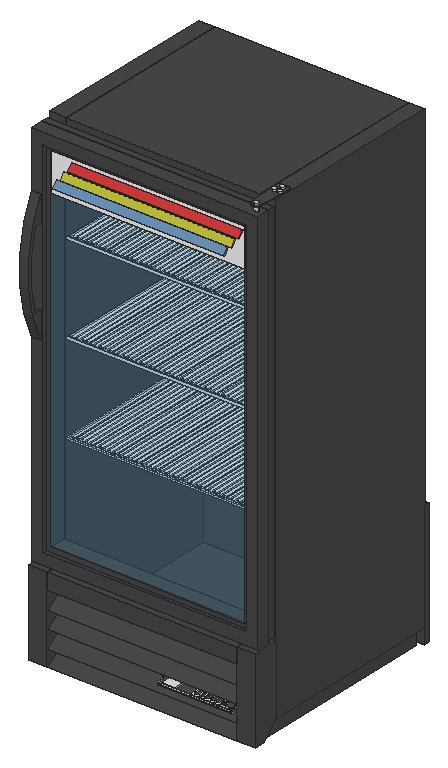
Revit family "QF_TRUE_GDM-10-HC~TSL01", category Specialty Equipment, Revit 2016 (continued)
Definition of nested family "GDM-10-HC-TSL01"
  Definition of nested family "QF_LOGO_TRUE"
    Forms (in)
      Extrusion 5, solid, not visible
        sketch origin (121.45701, -16.5, 4.98235) x (1, 0, 0) y (0, 0, 1)
          loop
            line (28.13678, 34.66131) -> (28.08755, 34.47761) -> (28.27134, 34.47761) -> (28.32056, 34.66131) -> (28.43674, 34.66131) -> (28.47974, 34.78864) -> (28.36519, 34.78864)
            arc (28.36519, 34.78864) -> (28.35733, 34.81649) -> (28.36921, 34.84288) r 0.04231
            arc (28.36921, 34.84288) -> (28.431, 34.8652) -> (28.49617, 34.85686) r 0.13988
            line (28.49617, 34.85686) -> (28.53544, 34.97317)
            arc (28.53544, 34.97317) -> (28.39725, 34.99096) -> (28.25905, 34.97317) r 0.54546
            arc (28.25905, 34.97317) -> (28.20849, 34.91994) -> (28.18197, 34.85147) r 0.1894
            line (28.18197, 34.85147) -> (28.17089, 34.78864) -> (28.11397, 34.78864) -> (28.07985, 34.66131) -> (28.13678, 34.66131)
          loop
            arc (28.74846, 34.89756) -> (28.65884, 34.88533) -> (28.56922, 34.89756) r 0.33455
            line (28.56922, 34.89756) -> (28.45669, 34.47761) -> (28.63593, 34.47761) -> (28.74846, 34.89756)
          loop
            arc (28.60398, 35.01195) -> (28.57699, 34.97173) -> (28.60398, 34.9315) r 0.04347
            line (28.60398, 34.9315) -> (28.75755, 34.9315)
            arc (28.75755, 34.9315) -> (28.78645, 34.96687) -> (28.77911, 35.01195) r 0.0556
            line (28.77911, 35.01195) -> (28.60398, 35.01195)
          loop
            line (28.95336, 34.66131) -> (29.26233, 34.66131) -> (29.28859, 34.73909)
            arc (29.28859, 34.73909) -> (29.2878, 34.82039) -> (29.23107, 34.87864) r 0.10925
            arc (29.23107, 34.87864) -> (29.18233, 34.8944) -> (29.13139, 34.89974) r 0.24595
            line (29.13139, 34.89974) -> (28.96708, 34.89974)
            arc (28.96708, 34.89974) -> (28.9068, 34.88073) -> (28.8535, 34.84677) r 0.2421
            arc (28.8535, 34.84677) -> (28.7897, 34.76363) -> (28.76702, 34.66131) r 0.2421
            line (28.76702, 34.66131) -> (28.76702, 34.54477)
            arc (28.76702, 34.54477) -> (28.81618, 34.4956) -> (28.88334, 34.47761) r 0.13431
            line (28.88334, 34.47761) -> (29.09054, 34.47761)
            arc (29.09054, 34.47761) -> (29.13459, 34.48281) -> (29.17622, 34.49812) r 0.18924
            line (29.17622, 34.49812) -> (29.23102, 34.61563)
            arc (29.23102, 34.61563) -> (29.18453, 34.59565) -> (29.13566, 34.58252) r 0.35376
            arc (29.13566, 34.58252) -> (29.05885, 34.56956) -> (28.98204, 34.58252) r 0.23415
            arc (28.98204, 34.58252) -> (28.94492, 34.61362) -> (28.95336, 34.66131) r 0.04838
          loop
            line (28.9842, 34.73042) -> (29.12012, 34.73042) -> (29.12621, 34.76496)
            arc (29.12621, 34.76496) -> (29.08961, 34.80242) -> (29.03739, 34.80638) r 0.0742
            arc (29.03739, 34.80638) -> (28.99747, 34.77773) -> (28.9842, 34.73042) r 0.0742
          loop
            line (29.41616, 34.97572) -> (29.28675, 34.49276) -> (29.48645, 34.49276) -> (29.61586, 34.97572) -> (29.41616, 34.97572)
          loop
            line (29.99836, 34.97572) -> (29.95192, 34.80242)
            arc (29.95192, 34.80242) -> (29.94473, 34.85705) -> (29.90102, 34.89059) r 0.07199
            arc (29.90102, 34.89059) -> (29.80023, 34.89941) -> (29.70251, 34.87322) r 0.29131
            arc (29.70251, 34.87322) -> (29.61806, 34.7652) -> (29.5896, 34.63108) r 0.30433
            line (29.5896, 34.63108) -> (29.5896, 34.55572)
            arc (29.5896, 34.55572) -> (29.61075, 34.50463) -> (29.66184, 34.48348) r 0.07224
            line (29.66184, 34.48348) -> (29.78537, 34.48348)
            arc (29.78537, 34.48348) -> (29.83854, 34.51313) -> (29.88504, 34.55243) r 0.31609
            line (29.88504, 34.55243) -> (29.86905, 34.49276) -> (30.05973, 34.49276) -> (30.18914, 34.97572) -> (29.99836, 34.97572)
          loop
            arc (29.84537, 34.75931) -> (29.79424, 34.71128) -> (29.77745, 34.64317) r 0.12371
            arc (29.77745, 34.64317) -> (29.80071, 34.59901) -> (29.85056, 34.59647) r 0.05045
            arc (29.85056, 34.59647) -> (29.90141, 34.64047) -> (29.92536, 34.7033) r 0.13769
            arc (29.92536, 34.7033) -> (29.90211, 34.75521) -> (29.84537, 34.75931) r 0.05543
          loop
            line (26.45047, 35.26762) -> (26.58211, 35.26762)
            arc (26.58211, 35.26762) -> (26.60467, 35.30821) -> (26.62126, 35.35157) r 0.3277
            arc (26.62126, 35.35157) -> (26.62714, 35.39992) -> (26.60877, 35.44503) r 0.09693
            arc (26.60877, 35.44503) -> (26.56454, 35.48868) -> (26.50462, 35.50516) r 0.12312
            arc (26.50462, 35.50516) -> (26.44158, 35.50565) -> (26.37854, 35.50546) r 5.76967
            arc (26.37854, 35.50546) -> (26.07462, 35.42923) -> (25.81045, 35.26076) r 0.97743
            line (25.81045, 35.26076) -> (25.85921, 35.26076)
            arc (25.85921, 35.26076) -> (26.08494, 35.39361) -> (26.3396, 35.45485) r 0.88817
            arc (26.3396, 35.45485) -> (26.41429, 35.44188) -> (26.47267, 35.39352) r 0.14748
            arc (26.47267, 35.39352) -> (26.48041, 35.32725) -> (26.45047, 35.26762) r 0.11636
          loop
            arc (26.35412, 35.17841) -> (26.19578, 35.0555) -> (26.00982, 34.98069) r 0.72453
            arc (26.00982, 34.98069) -> (25.9036, 34.95581) -> (25.79459, 34.9604) r 0.40201
            arc (25.79459, 34.9604) -> (25.7275, 34.98819) -> (25.69972, 35.05528) r 0.09488
            arc (25.69972, 35.05528) -> (25.71867, 35.12629) -> (25.77049, 35.17841) r 0.1425
            line (25.77049, 35.17841) -> (25.73665, 35.18748)
            arc (25.73665, 35.18748) -> (25.67632, 35.09876) -> (25.66924, 34.99171) r 0.20432
            arc (25.66924, 34.99171) -> (25.71443, 34.9227) -> (25.79473, 34.90384) r 0.11116
            arc (25.79473, 34.90384) -> (25.91172, 34.89904) -> (26.02716, 34.91862) r 0.56145
            arc (26.02716, 34.91862) -> (26.27675, 35.021) -> (26.49584, 35.17841) r 1.15683
            line (26.49584, 35.17841) -> (26.35412, 35.17841)
        from 31.54261 to 31.56272
    Dimensions and locks (in)
      aligned and locked: level to plane 2
      aligned and locked: Extrusion 2 to Extrusion 3  (x2)
      aligned and locked: Extrusion 2 sketch curve to Extrusion 3
